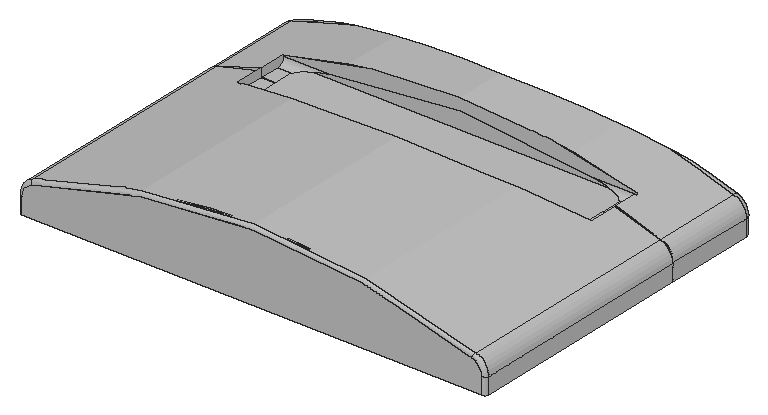
Revit family "Toilet_Seat_Cover_Dispenser-Bobrick-B-5221", category Specialty Equipment, host Face, Revit 2019
Family settings
  Host = Face
  Round Connector Dimension = Use Diameter
  Part Type = Normal
  OmniClass Number = 23.40.20.21
  OmniClass Title = Toilet and Bath Specialties
  Cut with Voids When Loaded = No
  Shared = Yes
  Room Calculation Point = No
Parameters (values of type "B-5221")
  Width = 16 1/8"  # constant formula
  Warranty Documentation Link = "https://www.bobrick.com/wp-content/uploads/Product-Warranties.pdf"
  URL = "http://www.bobrick.com/"
  Type Comments = ""
  Revised Date = "12/02/2024"  # constant formula
  Product Page URL = "https://www.bobrick.com/product/b-5221/"
  Product Documentation Link = "https://www.bobrick.com/wp-content/uploads/B-5221_td.pdf"
  Price = "Prices may vary. Please consult Manufacturer Representative for most up-to-date price list."  # constant formula
  Mounting Bracket Height = if(Default Elevation < 30", 30", if(Default Elevation > 59", 59", Default Elevation))  # 30"
  Model = "B-5221"
  Material = "ABS Plastic-Bobrick-High Gloss-Grey"
  Manufacturer = "Bobrick"
  Length = 2 7/16"  # constant formula
  Installation Type = "Surface Mounted"
  Height = 11 1/2"  # constant formula
  Finish = ABS Plastic-Bobrick-High Gloss-Grey
  Description = "Surface-Mounted Seat Cover Dispenser, Grey ABS Plastic"
  Default Elevation = 18"
  Creation Date = "01/02/2015"  # constant formula
  Assembly Code = "E1090900"
  ADA Compliant = yes
Reference planes (in)
  plane 1 "Center (Front/Back)": y = 0
  plane 2: z = 0
  plane 3 "Center (Left/Right)": x = 0
  plane 4: y = -5.75
  plane 5: y = 5.75
  plane 6: x = -8.0625
  plane 7: x = 8.0625
  plane 8: z = 2.4375
  plane 9: z = 1
  plane 10: y = -24.25
Forms (in)
  Sweep 1, solid, material "ABS Plastic-Bobrick-High Gloss-Grey" <- "Finish"
    path origin (0, 0, 0) x (1, 0, 0) y (0, 0, -1)
      loop
        line (8.0625, 0) -> (8.0625, -0.55972)
        arc (8.0625, -0.55972) -> (7.94671, -0.92211) -> (7.64224, -1.15023) r 0.625
        arc (7.64224, -1.15023) -> (0, -2.4375) -> (-7.64224, -1.15023) r 23.3288
        arc (-7.64224, -1.15023) -> (-7.94671, -0.92211) -> (-8.0625, -0.55972) r 0.625
        line (-8.0625, -0.55972) -> (-8.0625, 0)
    profile origin (0, 0, 2.4375) x (0, 0, 1) y (0, 1, 0)
      loop
        arc (-0.125, -5.75) -> (-0.03661, -5.71339) -> (0, -5.625) r 0.125
        line (0, -5.625) -> (0, 5.5)
        arc (0, 5.5) -> (-0.07322, 5.67678) -> (-0.25, 5.75) r 0.25
        line (-0.25, 5.75) -> (-0.5, 5.75) -> (-0.5, -5.75) -> (-0.125, -5.75)
  Extrusion 2, solid, material "ABS Plastic-Bobrick-High Gloss-Grey" <- "Finish"
    sketch origin (0, 0, 0) x (1, 0, 0) y (0, 0, -1)
      loop
        line (7.5625, -0.55972) -> (7.5625, 0) -> (-7.5625, 0) -> (-7.5625, -0.55972)
        arc (-7.5625, -0.55972) -> (-7.53934, -0.6322) -> (-7.47845, -0.67782) r 0.125
        arc (-7.47845, -0.67782) -> (0, -1.9375) -> (7.47845, -0.67782) r 22.8288
        arc (7.47845, -0.67782) -> (7.53934, -0.6322) -> (7.5625, -0.55972) r 0.125
    from -5.75 to 5.75
  Extrusion 3, void
    sketch origin (0, 0, 0) x (0, 1, 0) y (0, 0, 1)
      loop
        line (5.75, 0) -> (5.92045, 0) -> (5.92045, 2.4375) -> (4.98845, 2.4375)
        arc (4.98845, 2.4375) -> (5.5508, 1.67569) -> (5.75, 0.75) r 2.25042
        line (5.75, 0.75) -> (5.75, 0)
    from -8.51095 to 9.14262
  Extrusion 4, void
    sketch origin (0, 0.5, 0) x (0, 1, 0) y (0, 0, 1)
      loop
        line (0, 2.4375) -> (1.03848, 1.39902)
        arc (1.03848, 1.39902) -> (1.11958, 1.34483) -> (1.21526, 1.3258) r 0.25
        line (1.21526, 1.3258) -> (2.53033, 1.3258)
        arc (2.53033, 1.3258) -> (2.70711, 1.39902) -> (2.78033, 1.5758) r 0.25
        line (2.78033, 1.5758) -> (2.78033, 2.4375) -> (0, 2.4375)
    from -6.14384 to 6.07477
  Extrusion 5, void
    sketch origin (0, 0, 0) x (1, 0, 0) y (0, 0, 1)
      loop
        arc (-7.51172, 0.77378) -> (-7.62209, 0.69109) -> (-7.66406, 0.55972) r 0.22656
        line (-7.66406, 0.55972) -> (-7.66406, 0.25) -> (7.66406, 0.25) -> (7.66406, 0.55972)
        arc (7.66406, 0.55972) -> (7.62209, 0.69109) -> (7.51172, 0.77378) r 0.22656
        arc (7.51172, 0.77378) -> (0, 2.03906) -> (-7.51172, 0.77378) r 22.93037
    from -4.91378 to 5.60221
  Extrusion 6, void
    sketch origin (0, 0, 0) x (1, 0, 0) y (0, 1, 0)
      loop
        line (-8.3125, 2.3125) -> (8.4375, 2.3125) -> (8.4375, 2.34375) -> (-8.3125, 2.34375) -> (-8.3125, 2.3125)
    from 0 to 2.4375
Cuts and joins
  Extrusion 3, Extrusion 4, Extrusion 5, Extrusion 6 cuts Sweep 1
  Extrusion 3, Extrusion 4, Extrusion 5, Extrusion 6 cuts Extrusion 2
  joined: Sweep 1, Extrusion 2
Lines and regions (in)
  Masking region 1
    outline origin (0, 0, 0) x (1, 0, 0) y (0, 0, 1)
      loop
        line (-8.0625, 0) -> (8.0625, 0) -> (8.0625, 0.55972)
        arc (8.0625, 0.55972) -> (7.94671, 0.92211) -> (7.64224, 1.15023) r 0.625
        arc (7.64224, 1.15023) -> (0, 2.4375) -> (-7.64224, 1.15023) r 23.3288
        arc (-7.64224, 1.15023) -> (-7.94671, 0.92211) -> (-8.0625, 0.55972) r 0.625
        line (-8.0625, 0.55972) -> (-8.0625, 0)
Dimensions and locks (in)
  "Length": plane 8 to host face
  "Width": plane 6 to plane 7
  "Height": plane 4 to plane 5
  "Mounting Bracket Height": plane 10 to plane 5
  aligned and locked: plane 2 to host face
  aligned and locked: level to host face
Automatic sketch dimensions
  host sketch curve to host sketch curve = 96"  (x2)
  Sweep 1 sketch curve to level = 0"  (x2)
  Sweep 1 sketch curve to plane 6 = 0"
  Sweep 1 sketch curve to plane 3 "Center (Left/Right)" = 0"
  Sweep 1 sketch curve to plane 7 = 0"
  plane 9 to Sweep 1 sketch curve = 0.15023"  (x2)
  plane 6 to Sweep 1 sketch curve = 0.42026"
  Sweep 1 sketch curve to Sweep 1 sketch curve = 0"
  level to Sweep 1 sketch curve = 0.55972"
  Sweep 1 sketch curve to plane 7 = 5/8"
  profile plane to Sweep 1 sketch curve = 0"
  profile plane to Sweep 1 sketch curve = 1/8"
  profile plane to Sweep 1 sketch curve = 1/4"
  Sweep 1 sketch curve to Sweep 1 sketch curve = 1/4"
  Sweep 1 sketch curve to profile plane = 5 3/4"
  profile plane to Sweep 1 sketch curve = 5 1/2"
  Extrusion 2 sketch curve to level = 0"
  Extrusion 2 sketch curve to plane 3 "Center (Left/Right)" = 0"
  plane 6 to Extrusion 2 sketch curve = 5/8"
  Extrusion 2 sketch curve to Extrusion 2 sketch curve = 0.04095"  (x2)
  Extrusion 2 sketch curve to Extrusion 2 sketch curve = 0"  (x2)
  Extrusion 2 sketch curve to Extrusion 2 sketch curve = 1/8"
  Extrusion 2 sketch curve to plane 7 = 5/8"
  Extrusion 2 sketch curve to Extrusion 2 sketch curve = 0.55972"
  Extrusion 3 sketch curve to plane 8 = 0"
  Extrusion 3 sketch curve to plane 5 = 0"
  Extrusion 3 sketch curve to level = 0"
  plane 5 to Extrusion 3 sketch curve = 0.76155"
  level to Extrusion 3 sketch curve = 3/4"
  Extrusion 3 sketch curve to plane 5 = 0.17045"
  Extrusion 4 sketch curve to plane 8 = 0"
  Extrusion 4 sketch curve to plane 1 "Center (Front/Back)" = 1/2"
  Extrusion 4 sketch curve to Extrusion 4 sketch curve = 1.03848"
  Extrusion 4 sketch curve to Extrusion 4 sketch curve = 0.17678"
  Extrusion 4 sketch curve to Extrusion 4 sketch curve = 1.31507"
  Extrusion 4 sketch curve to Extrusion 4 sketch curve = 1/4"  (x2)
  Extrusion 4 sketch curve to plane 8 = 0.8617"
  Extrusion 5 sketch curve to plane 3 "Center (Left/Right)" = 0"
  plane 6 to Extrusion 5 sketch curve = 5/8"
  Extrusion 5 sketch curve to Extrusion 5 sketch curve = 19/256"  (x2)
  Extrusion 5 sketch curve to Extrusion 5 sketch curve = 0"  (x2)
  level to Extrusion 5 sketch curve = 1/4"
  Extrusion 5 sketch curve to Extrusion 5 sketch curve = 29/128"
  Extrusion 5 sketch curve to plane 7 = 5/8"
  Extrusion 5 sketch curve to level = 20.8913"
  Extrusion 6 sketch curve to plane 6 = 1/4"
  plane 7 to Extrusion 6 sketch curve = 3/8"
  Extrusion 6 sketch curve to plane 1 "Center (Front/Back)" = 2 5/16"
  Extrusion 6 sketch curve to Extrusion 6 sketch curve = 1/32"
  Masking region 1 sketch curve to level = 0"
  Masking region 1 sketch curve to plane 6 = 0"
  Masking region 1 sketch curve to plane 7 = 0"
  Masking region 1 sketch curve to plane 3 "Center (Left/Right)" = 0"
  plane 6 to Masking region 1 sketch curve = 0.42026"
  Masking region 1 sketch curve to Masking region 1 sketch curve = 0"
  level to Masking region 1 sketch curve = 0.55972"  (x2)
  Masking region 1 sketch curve to Masking region 1 sketch curve = 0.20474"
  Masking region 1 sketch curve to plane 7 = 0.42026"
